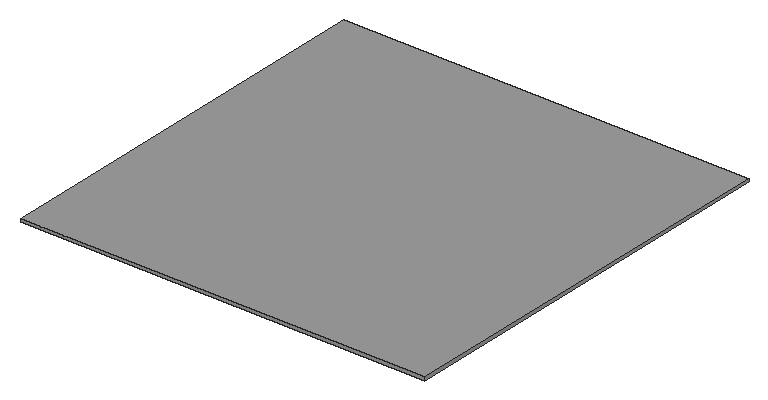
Revit family "WM-MN Unskimmend Family 30mm", category Generic Models, host Ceiling, Revit 2017
Family settings
  Host = Ceiling
  Can host rebar = No
  Round Connector Dimension = Use Diameter
  Part Type = Normal
  Always vertical = Yes
  Cut with Voids When Loaded = No
  Shared = No
  Room Calculation Point = No
Parameters (values of type "Lambdaboard")
  Width = 4000 mm
  URL = "www.rigifoam.com"
  Type Comments = "duncan@rigifoam.com"
  Thermal Resistance = 1.2500 (m²·K)/W
  Thermal Conductivity = 0.0240 W/(m·K)
  Model = "WM/MN Unskimmend 30mm"
  Material = Polyisocyanurate
  Manufacturer = "Lambdaboard"
  Length = 4000 mm
  Description = "Flexible PIR Insualtion"
  Depth = 30 mm
  Density = 40.0000 kg/m³
Reference planes
  plane 1 "Center (Front/Back)": y = 0
  plane 2: z = 0
  plane 3 "Center (Left/Right)": x = 0
  plane 4 "Ceiling": z = 4000
Forms (mm)
  Extrusion 1, solid, material "Polyisocyanurate" <- "Material"
    sketch origin (0, 0, 4000) x (0, 1, 0) y (-1, 0, 0)
      loop
        line (2000, 2000) -> (-2000, 2000) -> (-2000, -2000) -> (2000, -2000) -> (2000, 2000)
    from -30 to 0
Dimensions and locks
  equal spacing: host sketch curve, plane 3 "Center (Left/Right)", host sketch curve
  equal spacing: host sketch curve, plane 1 "Center (Front/Back)", host sketch curve
  host sketch curve to host sketch curve = 4000 mm  (x2)
  plane 4 "Ceiling" to host ceiling = 0 mm
  "Length": Extrusion 1 to Extrusion 1
  equal spacing: Extrusion 1, plane 3 "Center (Left/Right)", Extrusion 1
  "Width": Extrusion 1 to Extrusion 1
  "Depth": Extrusion 1 to Extrusion 1
Automatic sketch dimensions
  plane 1 "Center (Front/Back)" to Extrusion 1 sketch curve = 2000 mm
  Extrusion 1 sketch curve to plane 1 "Center (Front/Back)" = 2000 mm
  plane 3 "Center (Left/Right)" to Extrusion 1 sketch curve = 2000 mm
  Extrusion 1 sketch curve to plane 3 "Center (Left/Right)" = 2000 mm
